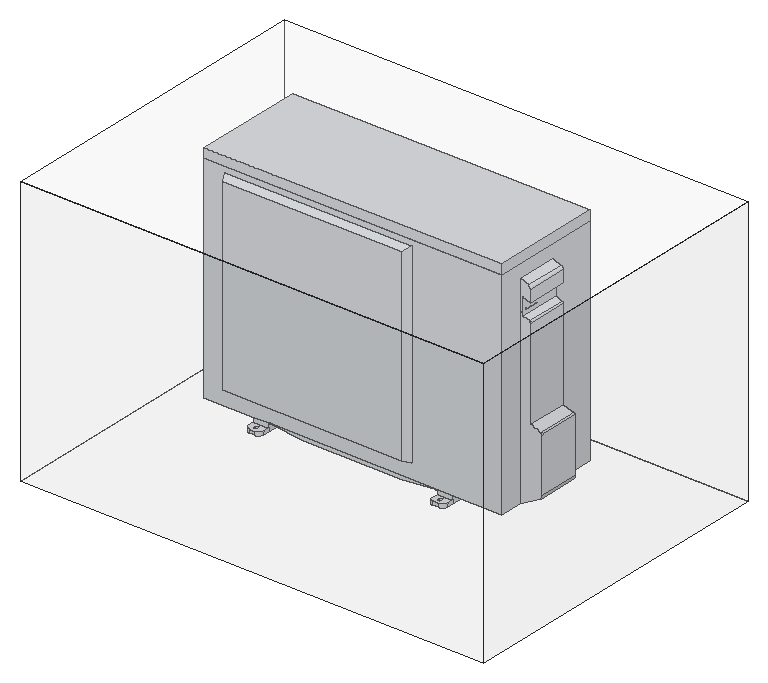
Revit family "puz-zrmp28_63ska15_50hz", category 機械設備, Revit 2019
Family settings
  丸型コネクタ寸法 = 直径を使用
  パーツ タイプ = 標準
  OmniClass 番号 = 23.75.10.24.21.27.27
  OmniClass タイトル = Split System Air Conditioning Units
  作業面ベース = いいえ
  常に垂直 = はい
  ロード時にボイドで切り取り = いいえ
  共有 = いいえ
  部屋計算ポイント = いいえ
Parameters (values of type "室外機_PUZ-ZRMP40KA15")
  音響パワーレベル_冷房 (dB) = 64
  音響パワーレベル_暖房 (dB) = 66
  音響パワーレベル(dB) = if([音響パワーレベル_冷房 (dB)] > [音響パワーレベル_暖房 (dB)], [音響パワーレベル_冷房 (dB)], [音響パワーレベル_暖房 (dB)])  # 66
  電源種別 = ""
  電源位置Y = 61 mm
  電源位置Z = 497.7 mm
  電源位置X = 400 mm
  電圧 = 200 V
  電動機出力_送風機 = 0.04 kW
  電動機出力_圧縮機 = 0.6 kW
  集中コントローラ [instance] = ""
  運転質量 = 0.00 kg
  運転方法 = "冷暖切替"
  質量 = if(製品質量 > 運転質量, 製品質量, 運転質量) * 1.2  # 49.20 kg
  負荷分類 = 1_熱源類
  説明 = "空冷H/P PAC インバータ室外機"
  設計暖房能力 [instance] = 0 kW
  設計冷房能力_顕熱 [instance] = 0 kW
  設計冷房能力 [instance] = 0 kW
  設置方法 = "床置形"
  記号 [instance] = ""
  製造元 = "三菱電機株式会社"
  製品質量 = 41.00 kg
  製品出荷対象 = "国内"
  製品リリース年月 = ""
  製品グループ = ""
  系統 [instance] = ""
  符号 = "PAC"
  積算_科目 = "1 空気調和設備"
  積算_拾い区分 [instance] = ""
  相 = 3
  盤記号 [instance] = ""
  発停方法 = "付属スイッチ"
  特殊仕様 [instance] = ""
  消費電力_暖房 = 0 kW
  消費電力_冷房 = 0 kW
  消費電力 = if(消費電力_冷房 > 消費電力_暖房, 消費電力_冷房, 消費電力_暖房)  # 0 kW
  法定耐用年数 = "6"
  構成品番 = "PUZ-ZRMP40KA15"
  極数 = 3
  材質 [instance] = ""
  本体マテリアル = none
  最小電線太さ_mm2 = 2
  最大電流値 = 0 A
  暖房能力 = 4 kW
  推奨ブレーカー容量 = 15 A
  据付ピッチ1 = 0 mm
  形式 = "パッケージ形 室外機"
  形名 = PUZ-EZRMP-1 : PUZ-EZRMP-1
  幹線記号 [instance] = ""
  始動方式 = "インバータ始動方式"
  呼称 = "パッケージ形空気調和機_室外機"
  周波数 = 50 Hz
  価格 = 0
  ドレン　位置Z = 8.5 mm
  ドレン　位置Y = 48.5 mm
  ドレン　位置X = 404.5 mm
  アンカーボルト位置Y = 330 mm
  アンカーボルト位置X = 500 mm
  参照している仕様書等のバージョン = "公共建築物標準仕様書（機械設備工事編）平成31年度版"
  分類コード = "5.0053E+13"
  分類グループ = ""
  冷房能力 = 3.6 kW
  冷媒管（ガス）位置X = 420 mm
  冷媒管（液）位置X = 420 mm
  冷媒管（液）位置Y = 153.75 mm
  冷媒管（ガス）位置Y = 153.75 mm
  冷媒管長 [instance] = 0 mm
  冷媒管径符号 = "Ac"
  冷媒管径 = 60.00 mm
  冷媒管位置Z = 158.95 mm
  冷媒管位置Y = (冷媒管（液）位置Y + 冷媒管（ガス）位置Y) / 2  # 153.75 mm
  冷媒管位置X = (冷媒管（液）位置X + 冷媒管（ガス）位置X) / 2  # 420 mm
  冷媒液管径 = 6.35 mm
  冷媒ガス管径 = 12.70 mm
  企業コード = "108420"
  付属品 [instance] = ""
  仕様書バージョン = "Version1.0"
  ユニット数 = 1
  ユニット3 = yes
  ユニット2 = yes
  Model = ""
  ドレン管径 = 42.00 mm
  サービススペース = yes
  コメント [instance] = ""
  ケーブル種類1 = ""
  【値が 0 の項目は組合せ形名にてご確認ください】 = ""
  Width = 809 mm
  Version = ""
  Uniclass2015Version = "Systems v1.9"
  Uniclass2015Title = "Split coil remote air cooled condensing units"
  Uniclass2015Code = "Pr_70_65_03_84"
  URL = "https://www.mitsubishielectric.co.jp/ldg/wink/ssl/top.do"
  SpecificationReference = ""
  SpecificationDescription = ""
  Revision = ""
  ProductInformation = ""
  OmniClassCode = "23-33 17 13 11"
  IfcTypeProduct = ""
  IfcProduct = ""
  IfcExportType = "AIRCONDITIONINGUNIT"
  IfcExportAs = "IfcUnitaryEquipmentType"
  Height = 630 mm
  Depth = 300 mm
  Clearance Top = 100 mm
  Clearance Right = 350 mm
  Clearance Left = 100 mm
  Clearance Front = 500 mm
  Clearance Bottom = 0 mm
  Clearance Back = 100 mm
  COP_暖房 = 0
  COP_冷房 = 0
  COP = (COP_冷房 + COP_暖房) / 2  # 0
  Author = "三菱電機株式会社"
  APF = 0
Reference planes
  plane 1 "中心(正面/背面)": y = 74
  plane 2: z = 0
  plane 3 "中心(左/右)": x = 830
  plane 4 "右": x = 1234.5
  plane 5 "左": x = 425.5
  plane 6 "背面": y = 224
  plane 7 "正面": y = -76
  plane 8 "上部": z = 630
  plane 9 "Clearanse Top": z = 730
  plane 10 "SS_back": y = 324
  plane 11 "SS_front": y = -576
  plane 12 "SS_left": x = 325.5
  plane 13 "SS_right": x = 1584.5
  plane 14: z = 0
  plane 15: y = -15
  plane 16: x = 1230
  plane 17: z = 497.7
  plane 18: y = -13
  plane 19: y = 70.25
  plane 20: x = 1250
  plane 21: y = 175.5
  plane 22: x = 830
  plane 23: z = 10.5
  plane 24: z = 8.5
  plane 25: x = 580
  plane 26: x = 1080
  plane 27: y = 239
  plane 28: y = -91
Forms (mm)
  Extrusion 1, solid, detail levels fine
    sketch origin (0, -76, 0) x (1, 0, 0) y (0, 0, 1)
      loop
        circle (1230, 497.7) r 13.5
    from -63 to -61
  Extrusion 2, solid, detail levels fine
    sketch origin (-1437.329, -1524, 54) x (-1, 0, 0) y (0, -1, 0)
      loop
        circle (-2267.329, -1699.5) r 21
    from -45.5 to -43.5
  Sweep 3, solid, material <- "本体マテリアル", detail levels fine
    path origin (1250, 1296.25, 1200) x (0, 1, 0) y (0, 0, 1)
      loop
        line (-1226, -1041.05) -> (-1272.623, -1084.565)
    profile origin (1250, 46.939, 137.193) x (0, 0.682318, -0.731055) y (1, 0, 0)
      loop
        circle (0, 0) r 30
Lines and regions (mm)
  model lines, not visible
    curve 1: line (460, 178.667, 1289.179) -> (460, 297.73, 1289.179)
    curve 2: line (460, 178.667, 1056.056) -> (460, 178.667, 1289.179)
    curve 3: line (460, 297.73, 1056.056) -> (460, 178.667, 1056.056)
    curve 4: line (460, 297.73, 1289.179) -> (460, 297.73, 1056.056)
    curve 5: line (460, 47.598, 1289.179) -> (460, 166.661, 1289.179)
    curve 6: line (460, 47.598, 1056.056) -> (460, 47.598, 1289.179)
    curve 7: line (460, 166.661, 1056.056) -> (460, 47.598, 1056.056)
    curve 8: line (460, 166.661, 1289.179) -> (460, 166.661, 1056.056)
    curve 9: line (460, -83.471, 1289.179) -> (460, 35.592, 1289.179)
    curve 10: line (460, -83.471, 1056.056) -> (460, -83.471, 1289.179)
    curve 11: line (460, 35.592, 1056.056) -> (460, -83.471, 1056.056)
    curve 12: line (460, 35.592, 1289.179) -> (460, 35.592, 1056.056)
    curve 13: line (460, -150.779, 1289.179) -> (460, -95.75, 1289.179)
    curve 14: line (460, -150.779, 1056.056) -> (460, -150.779, 1289.179)
    curve 15: line (460, -95.75, 1056.056) -> (460, -150.779, 1056.056)
    curve 16: line (460, -95.75, 1289.179) -> (460, -95.75, 1056.056)
    curve 17: line (460, -150.779, 1283.175) -> (460, -132.596, 1283.175)
    curve 18: line (460, -150.779, 1062.059) -> (460, -150.779, 1283.175)
    curve 19: line (460, -132.596, 1062.059) -> (460, -150.779, 1062.059)
    curve 20: line (460, -132.596, 1283.175) -> (460, -132.596, 1062.059)
    curve 21: line (460, 178.667, 1046.051) -> (460, 297.73, 1046.051)
    curve 22: line (460, 178.667, 812.928) -> (460, 178.667, 1046.051)
    curve 23: line (460, 297.73, 812.928) -> (460, 178.667, 812.928)
    curve 24: line (460, 297.73, 1046.051) -> (460, 297.73, 812.928)
    curve 25: line (460, 47.598, 1046.051) -> (460, 166.661, 1046.051)
    curve 26: line (460, 47.598, 812.928) -> (460, 47.598, 1046.051)
    curve 27: line (460, 166.661, 812.928) -> (460, 47.598, 812.928)
    curve 28: line (460, 166.661, 1046.051) -> (460, 166.661, 812.928)
    curve 29: line (460, -83.471, 1046.051) -> (460, 35.592, 1046.051)
    curve 30: line (460, -83.471, 812.928) -> (460, -83.471, 1046.051)
    curve 31: line (460, 35.592, 812.928) -> (460, -83.471, 812.928)
    curve 32: line (460, 35.592, 1046.051) -> (460, 35.592, 812.928)
    curve 33: line (460, -150.779, 1046.051) -> (460, -95.75, 1046.051)
    curve 34: line (460, -150.779, 812.928) -> (460, -150.779, 1046.051)
    curve 35: line (460, -95.75, 812.928) -> (460, -150.779, 812.928)
    curve 36: line (460, -95.75, 1046.051) -> (460, -95.75, 812.928)
    curve 37: line (460, -150.779, 1040.048) -> (460, -132.596, 1040.048)
    curve 38: line (460, -150.779, 818.931) -> (460, -150.779, 1040.048)
    curve 39: line (460, -132.596, 818.931) -> (460, -150.779, 818.931)
    curve 40: line (460, -132.596, 1040.048) -> (460, -132.596, 818.931)
    curve 41: line (460, 178.667, 802.923) -> (460, 297.73, 802.923)
    curve 42: line (460, 178.667, 569.8) -> (460, 178.667, 802.923)
    curve 43: line (460, 297.73, 569.8) -> (460, 178.667, 569.8)
    curve 44: line (460, 297.73, 802.923) -> (460, 297.73, 569.8)
    curve 45: line (460, 47.598, 802.923) -> (460, 166.661, 802.923)
    curve 46: line (460, 47.598, 569.8) -> (460, 47.598, 802.923)
    curve 47: line (460, 166.661, 569.8) -> (460, 47.598, 569.8)
    curve 48: line (460, 166.661, 802.923) -> (460, 166.661, 569.8)
    curve 49: line (460, -83.471, 802.923) -> (460, 35.592, 802.923)
    curve 50: line (460, -83.471, 569.8) -> (460, -83.471, 802.923)
    curve 51: line (460, 35.592, 569.8) -> (460, -83.471, 569.8)
    curve 52: line (460, 35.592, 802.923) -> (460, 35.592, 569.8)
    curve 53: line (460, -150.779, 802.923) -> (460, -95.75, 802.923)
    curve 54: line (460, -150.779, 569.8) -> (460, -150.779, 802.923)
    curve 55: line (460, -95.75, 569.8) -> (460, -150.779, 569.8)
    curve 56: line (460, -95.75, 802.923) -> (460, -95.75, 569.8)
    curve 57: line (460, -150.779, 796.92) -> (460, -132.596, 796.92)
    curve 58: line (460, -150.779, 575.803) -> (460, -150.779, 796.92)
    curve 59: line (460, -132.596, 575.803) -> (460, -150.779, 575.803)
    curve 60: line (460, -132.596, 796.92) -> (460, -132.596, 575.803)
    curve 61: line (460, 178.667, 559.795) -> (460, 297.73, 559.795)
    curve 62: line (460, 178.667, 326.672) -> (460, 178.667, 559.795)
    curve 63: line (460, 297.73, 326.672) -> (460, 178.667, 326.672)
    curve 64: line (460, 297.73, 559.795) -> (460, 297.73, 326.672)
    curve 65: line (460, 47.598, 559.795) -> (460, 166.661, 559.795)
    curve 66: line (460, 47.598, 326.672) -> (460, 47.598, 559.795)
    curve 67: line (460, 166.661, 326.672) -> (460, 47.598, 326.672)
    curve 68: line (460, 166.661, 559.795) -> (460, 166.661, 326.672)
    curve 69: line (460, -83.471, 559.795) -> (460, 35.592, 559.795)
    curve 70: line (460, -83.471, 326.672) -> (460, -83.471, 559.795)
    curve 71: line (460, 35.592, 326.672) -> (460, -83.471, 326.672)
    curve 72: line (460, 35.592, 559.795) -> (460, 35.592, 326.672)
    curve 73: line (460, -150.779, 559.795) -> (460, -95.75, 559.795)
    curve 74: line (460, -150.779, 326.672) -> (460, -150.779, 559.795)
    curve 75: line (460, -95.75, 326.672) -> (460, -150.779, 326.672)
    curve 76: line (460, -95.75, 559.795) -> (460, -95.75, 326.672)
    curve 77: line (460, -150.779, 553.792) -> (460, -132.596, 553.792)
    curve 78: line (460, -150.779, 332.675) -> (460, -150.779, 553.792)
    curve 79: line (460, -132.596, 332.675) -> (460, -150.779, 332.675)
    curve 80: line (460, -132.596, 553.792) -> (460, -132.596, 332.675)
    curve 81: line (460, 178.667, 316.667) -> (460, 297.73, 316.667)
    curve 82: line (460, 178.667, 83.544) -> (460, 178.667, 316.667)
    curve 83: line (460, 297.73, 83.544) -> (460, 178.667, 83.544)
    curve 84: line (460, 297.73, 316.667) -> (460, 297.73, 83.544)
    curve 85: line (460, 47.598, 316.667) -> (460, 166.661, 316.667)
    curve 86: line (460, 47.598, 83.544) -> (460, 47.598, 316.667)
    curve 87: line (460, 166.661, 83.544) -> (460, 47.598, 83.544)
    curve 88: line (460, 166.661, 316.667) -> (460, 166.661, 83.544)
    curve 89: line (460, -83.471, 316.667) -> (460, 35.592, 316.667)
    curve 90: line (460, -83.471, 83.544) -> (460, -83.471, 316.667)
    curve 91: line (460, 35.592, 83.544) -> (460, -83.471, 83.544)
    curve 92: line (460, 35.592, 316.667) -> (460, 35.592, 83.544)
    curve 93: line (460, -150.779, 316.667) -> (460, -95.75, 316.667)
    curve 94: line (460, -150.779, 83.544) -> (460, -150.779, 316.667)
    curve 95: line (460, -95.75, 83.544) -> (460, -150.779, 83.544)
    curve 96: line (460, -95.75, 316.667) -> (460, -95.75, 83.544)
    curve 97: line (460, -150.779, 310.664) -> (460, -132.596, 310.664)
    curve 98: line (460, -150.779, 89.547) -> (460, -150.779, 310.664)
    curve 99: line (460, -132.596, 89.547) -> (460, -150.779, 89.547)
    curve 100: line (460, -132.596, 310.664) -> (460, -132.596, 89.547)
Dimensions and locks
  equal spacing: plane 7 "正面", plane 1 "中心(正面/背面)", plane 6 "背面"
  "Depth": plane 7 "正面" to plane 6 "背面"
  "Width": plane 5 "左" to plane 4 "右"
  equal spacing: plane 5 "左", plane 3 "中心(左/右)", plane 4 "右"
  "Clearance Left": plane 12 "SS_left" to plane 5 "左"
  "Clearance Right": plane 4 "右" to plane 13 "SS_right"
  "Clearance Back": plane 6 "背面" to plane 10 "SS_back"
  "Clearance Front": plane 11 "SS_front" to plane 7 "正面"
  "Height": plane 8 "上部" to level
  "Clearance Top": plane 9 "Clearanse Top" to plane 8 "上部"
  "Clearance Bottom": level to plane 14
  "電源位置X": plane 3 "中心(左/右)" to plane 16
  "電源位置Y": plane 7 "正面" to plane 15
  "電源位置Z": plane 17 to level
  locked: plane 15 to plane 18 at 2
  "冷媒管位置X": plane 3 "中心(左/右)" to plane 20
  "冷媒管位置Y": plane 19 to plane 6 "背面"
  "ドレン　位置X": plane 5 "左" to plane 22
  "ドレン　位置Y": plane 21 to plane 6 "背面"
  locked: plane 23 to plane 24 at 2
  "ドレン　位置Z": plane 24 to level
  equal spacing: plane 28, plane 1 "中心(正面/背面)", plane 27
  "アンカーボルト位置Y": plane 28 to plane 27
  equal spacing: plane 25, plane 3 "中心(左/右)", plane 26
  "アンカーボルト位置X": plane 25 to plane 26
  radius of Extrusion 1 sketch curve = 13.5 mm
  "ドレン管径": diameter of Extrusion 2 sketch curve
  "冷媒管径": diameter of Sweep 3 sketch curve
  aligned and locked: level to plane 2
  aligned and locked: plane 10 "SS_back" to nested 1  (x2)
  aligned and locked: plane 13 "SS_right" to nested 1
  aligned and locked: plane 12 "SS_left" to nested 1  (x2)
  aligned and locked: nested 1 to plane 13 "SS_right"
  aligned and locked: plane 11 "SS_front" to nested 1
  aligned and locked: plane 9 "Clearanse Top" to nested 1
  aligned and locked: plane 1 "中心(正面/背面)" to nested 2
  aligned and locked: plane 3 "中心(左/右)" to nested 2
  aligned and locked: plane 14 to nested 1
  aligned and locked: plane 17 to Extrusion 1 sketch curve
  aligned and locked: plane 16 to Extrusion 1 sketch curve
  aligned and locked: Extrusion 1 to plane 18
  aligned and locked: plane 15 to Extrusion 1
  aligned and locked: plane 22 to Extrusion 2 sketch curve
  aligned and locked: plane 21 to Extrusion 2 sketch curve
  aligned and locked: plane 23 to Extrusion 2
  aligned and locked: Extrusion 2 to plane 24
  aligned and locked: plane 25 to nested 3
  aligned and locked: plane 27 to nested 3
Automatic sketch dimensions
  Sweep 3 sketch curve to plane 18 = 36.627 mm
  plane 1 "中心(正面/背面)" to Sweep 3 sketch curve = 3.75 mm
  plane 23 to Sweep 3 sketch curve = 104.935 mm
  Sweep 3 sketch curve to Sweep 3 sketch curve = 43.515 mm
  Sweep 3 sketch curve to plane 20 = 0 mm
  Sweep 3 sketch curve to profile plane = 0 mm
Nested families
  nested 1: "サービススペース" at (955, -126, 365), visible <- "サービススペース", type "サービススペース"
    with Width 1259 mm, Height 730 mm, Depth 900 mm
  nested 2: "PUZ-EZRMP-1" at (830, 74, 0), type <- "形名", type "PUZ-EZRMP-1", detail levels fine
  nested 3: "固定点" at (580, -91, 0), type "固定点"
    with 中心円 10 mm, W 500 mm, D 330 mm
Connectors
  electrical at (1230, -15, 497.7), driven by "極数", driven by "負荷分類", driven by "電圧", driven by "消費電力"
    settings: on Extrusion 1, index 2, voltage 200 V, apparent load 0 VA, apparent load phase1 0 VA, apparent load phase2 0 VA, apparent load phase3 0 VA, power factor 1, load classification "1_熱源類", number of poles 3, system type 30, power factor state 1, is connector primary yes, connector utility no, sub classification motor no, connector description ""
  piping at (1250, 70.25, 158.95), diameter 60, driven by "冷媒管径", driven by "冷媒管径符号"
    settings: on Sweep 3, index 3, connector inside diameter 609.60 mm, connector length 0 mm, flow factor 0, pipe flow 0.0 L/s, pressure drop 0.0 Pa, fitting loss kfactor 0, connector angle 0.00°, fixture units 0, engagement length 0 mm, angle of deflection 0.00°, flow configuration 1, flow direction 2, fitting loss method 4, system type 7, joint type 0, gender type 0, connector reference index -1, connector utility 0, adjustable connector no, is connector primary yes, connector description "Ac"
Definition of nested family "サービススペース"
  Parameters (values of type "サービススペース")
    Width [instance] = 500 mm
    Height [instance] = 500 mm
    Depth [instance] = 500 mm
  Reference planes
    plane 1 "中心(正面/背面)": y = 0
    plane 2: z = 0
    plane 3 "中心(左/右)": x = 0
    plane 4: y = -250
    plane 5: x = 250
    plane 6: y = 250
    plane 7: x = -250
    plane 8: z = 250
    plane 9: z = -250
  Forms (mm)
    Extrusion 1, solid
      sketch origin (-638.939, 0, 72.39) x (1, 0, 0) y (0, 1, 0)
        loop
          line (388.939, 250) -> (388.939, -250) -> (888.939, -250) -> (888.939, 250) -> (388.939, 250)
      from -322.39 to 177.61
  Lines and regions (mm)
    symbolic lines
      curve 1: line (-250, 0, 250) -> (250, 0, 250)
      curve 2: line (-250, 0, -250) -> (-250, 0, 250)
      curve 3: line (250, 0, -250) -> (-250, 0, -250)
      curve 4: line (250, 0, 250) -> (250, 0, -250)
      curve 5: line (0, -250, 250) -> (0, 250, 250)
      curve 6: line (0, -250, -250) -> (0, -250, 250)
      curve 7: line (0, 250, -250) -> (0, -250, -250)
      curve 8: line (0, 250, 250) -> (0, 250, -250)
      curve 9: line (-250, 250, 0) -> (250, 250, 0)
      curve 10: line (-250, -250, 0) -> (-250, 250, 0)
      curve 11: line (250, -250, 0) -> (-250, -250, 0)
      curve 12: line (250, 250, 0) -> (250, -250, 0)
  Dimensions and locks
    equal spacing: plane 7, plane 3 "中心(左/右)", plane 5
    equal spacing: plane 4, plane 1 "中心(正面/背面)", plane 6
    "Depth": plane 4 to plane 6
    "Width": plane 7 to plane 5
    equal spacing: plane 8, plane 2, plane 9
    "Height": plane 8 to plane 9
    aligned and locked: plane 9 to curve 3
    aligned and locked: plane 7 to curve 2
    aligned and locked: curve 4 to plane 5
    aligned and locked: plane 5 to Extrusion 1
    aligned and locked: Extrusion 1 to plane 7
    aligned and locked: Extrusion 1 to plane 9
    aligned and locked: plane 8 to Extrusion 1
    aligned and locked: plane 9 to curve 7
  Automatic sketch dimensions
    plane 4 to Extrusion 1 sketch curve = 0 mm
    Extrusion 1 sketch curve to plane 7 = 0 mm
    Extrusion 1 sketch curve to plane 5 = 0 mm
    plane 6 to Extrusion 1 sketch curve = 0 mm
    curve 2 to plane 8 = 0 mm
    plane 4 to curve 11 = 0 mm
    curve 11 to plane 7 = 0 mm
    curve 11 to plane 5 = 0 mm
    plane 6 to curve 10 = 0 mm
    curve 7 to plane 4 = 0 mm
    curve 7 to plane 6 = 0 mm
    curve 6 to plane 8 = 0 mm
Definition of nested family "PUZ-EZRMP-1"
  Parameters (values of type "PUZ-ZRMP-1")
    配線取出口サイズ = 27 mm
    配線取出口-Z = 497.7 mm
    配線取出口-Y = 239 mm
    配線取出口-X = 400 mm
    液配管サイズ = 50 mm
    高さ = 630 mm
    換気-W = 310 mm
    換気-H2 = 632 mm
    換気-H1 = 325 mm
    換気-D = 20 mm
    奥行き = 300 mm
    吊りボルト_H = 0 mm
    吊りボルト-φ = 10 mm
    冷媒配管サイズ = 6.35 mm
    冷媒液管径-Z = 164.5 mm
    冷媒液管径-Y = 185.5 mm
    冷媒液管径-X = 420 mm
    冷媒ガス管径-Z = 99.5 mm
    冷媒ガス管径-Y = 185.5 mm
    冷媒ガス管径-X = 420 mm
    吊りボルト-W = 500 mm
    マテリアル = none
    ドレン配管サイズ = 42 mm
    ドレン管径-Z = 0 mm
    ドレン管径-Y = 251.5 mm
    ドレン管径-X = 404.5 mm
    タイプ3 = no
    タイプ2 = no
    タイプ1 = yes
    ガス配管サイズ = 12.7 mm
    吊りボルト-D = 330 mm
    幅さ = 809 mm
    a = 600 mm
  Reference planes
    plane 1 "中心(正面/背面)": y = 0
    plane 2: z = 0
    plane 3 "中心(左/右)": x = 0
    plane 4: z = 630
    plane 5: x = -404.5
    plane 6: x = 404.5
    plane 7: y = 150
    plane 8: y = -150
    plane 9: x = 466.5
    plane 10: y = -90
    plane 11: y = 20
    plane 12: z = 605
    plane 13: x = -424.5
    plane 14: x = -250
    plane 15: x = 250
    plane 16: y = 165
    plane 17: y = -165
    plane 18: x = 270
    plane 19: x = 230
    plane 20: x = -230
    plane 21: x = -270
    plane 22: y = 180
    plane 23: y = -180
    plane 24: z = 8.5
    plane 25: z = 20
    plane 26: z = 11.5
    plane 27: x = -135
    plane 28: x = 135
    plane 29: z = 625
    plane 30: y = -40
    plane 31: y = 40
    plane 32: y = -30
    plane 33: y = 30
    plane 34: z = 610
    plane 35: z = 55
    plane 36: z = 225
    plane 37: z = 570
    plane 38: x = 414.5
    plane 39: x = 435.5
    plane 40: y = -170
    plane 41: x = -94.5
    plane 42: z = 325
    plane 43: x = 159.5
    plane 44: x = -348.5
    plane 45: z = 589
    plane 46: z = 61
    plane 47: x = -338.5
    plane 48: x = 149.5
    plane 49: z = 579
    plane 50: z = 71
    plane 51: y = 100
    plane 52: y = -100
    plane 53: x = 0
    plane 54: y = 101.5
    plane 55: x = 420
    plane 56: x = 400
    plane 57: y = -89
    plane 58: y = -35.5
    plane 59: y = -35.5
    plane 60: x = 420
    plane 61: z = 99.5
    plane 62: z = 164.5
    plane 63: z = 497.7
    plane 64: y = -39
    plane 65: z = 137.3
    plane 66: z = 180.6
    plane 67: x = 420
    plane 68: y = -35.5
    plane 69 "グループ": x = -600
    plane 70: z = 1338
    plane 71: z = 943
    plane 72: z = 957
    plane 73: z = 1221
    plane 74: z = 693
    plane 75: z = 1211
    plane 76: z = 703
    plane 77: y = -12.5
    plane 78: y = 5
    plane 79: y = -3.75
  Forms (mm)
    Extrusion 1, solid, visible <- "タイプ1", detail levels fine
      sketch origin (-1437.329, -1524, 630) x (-1, 0, 0) y (0, -1, 0)
        loop
          line (-1167.329, -1674) -> (-1167.329, -1374) -> (-1207.329, -1374) -> (-1207.329, -1674) -> (-1167.329, -1674)
        loop
          line (-1667.329, -1674) -> (-1667.329, -1374) -> (-1707.329, -1374) -> (-1707.329, -1674) -> (-1667.329, -1674)
      from -630 to -610
    Extrusion 2, solid, material <- "マテリアル", visible <- "タイプ1", detail levels fine
      sketch origin (0, 0, 0) x (1, 0, 0) y (0, 0, 1)
        loop
          line (-230, 20) -> (-135, 11.5) -> (135, 11.5) -> (230, 20) -> (-230, 20)
      from -150 to 150
    Extrusion 3, solid, material <- "マテリアル", visible <- "タイプ1", detail levels fine
      sketch origin (-1437.329, -1524, 630) x (-1, 0, 0) y (0, -1, 0)
        loop
          circle (-1437.329, -1625.5) r 21
      from -621.5 to -618.5
    Extrusion 4, solid, material <- "マテリアル", visible <- "タイプ1", detail levels fine
      sketch origin (-1437.329, -1524, 630) x (-1, 0, 0) y (0, -1, 0)
        loop
          line (-1841.829, -1674) -> (-1032.829, -1674) -> (-1032.829, -1374) -> (-1841.829, -1374) -> (-1841.829, -1674)
      from -610 to -25
    Extrusion 5, solid, material <- "マテリアル", visible <- "タイプ1", detail levels fine
      sketch origin (-1437.329, -1524, 630) x (-1, 0, 0) y (0, -1, 0)
        loop
          line (-1032.829, -1674) -> (-1032.829, -1374) -> (-1841.829, -1374) -> (-1841.829, -1674) -> (-1032.829, -1674)
      from -25 to 0
    Blend 6, solid, material <- "マテリアル", visible <- "タイプ1", detail levels fine
      base sketch origin (0, 0, 0) x (0, 1, 0) y (0, 0, 1)
        loop
          line (40, 625) -> (-40, 625) -> (-40, 605) -> (40, 605) -> (40, 625)
      top sketch origin (0, 0, 0) x (0, 1, 0) y (0, 0, 1)
        loop
          line (30, 610) -> (-30, 610) -> (-30, 605) -> (30, 605) -> (30, 610)
      from -404.5 to -424.5
    Extrusion 7, solid, material <- "マテリアル", visible <- "タイプ1", detail levels fine
      sketch origin (0, 0, 0) x (1, 0, 0) y (0, 0, 1)
        loop
          line (404.5, 570) -> (404.5, 20) -> (461.416, 52.13)
          arc (461.416, 52.13) -> (465.136, 55.796) -> (466.5, 60.838) r 10
          line (466.5, 60.838) -> (466.5, 210.216)
          arc (466.5, 210.216) -> (465.596, 213.084) -> (463.21, 214.914) r 5
          line (463.21, 214.914) -> (435.5, 225) -> (435.5, 470.082)
          arc (435.5, 470.082) -> (434.596, 472.95) -> (432.21, 474.78) r 5
          line (432.21, 474.78) -> (414.5, 481.226) -> (414.5, 529.114) -> (435.5, 521.471) -> (435.5, 551.715)
          arc (435.5, 551.715) -> (433.692, 557.451) -> (428.92, 561.112) r 10
          line (428.92, 561.112) -> (404.5, 570)
      from -20 to 90
    Blend 8, solid, material <- "マテリアル", visible <- "タイプ1", detail levels fine
      base sketch origin (0, 0, 0) x (1, 0, 0) y (0, 0, 1)
        loop
          line (-348.5, 589) -> (-348.5, 61) -> (159.5, 61) -> (159.5, 589) -> (-348.5, 589)
      top sketch origin (0, 0, 0) x (1, 0, 0) y (0, 0, 1)
        loop
          line (-338.5, 579) -> (-338.5, 71) -> (149.5, 71) -> (149.5, 579) -> (-338.5, 579)
      from 150 to 170
    Extrusion 9, solid, material <- "マテリアル", visible <- "タイプ1", detail levels fine
      sketch origin (1480.036, -170, 1200) x (1, 0, 0) y (0, 0, 1)
        loop
          circle (-1080.036, -702.3) r 13.5
      from -131 to -81
    Extrusion 10, solid, visible <- "タイプ1", detail levels fine
      sketch origin (-1437.329, -1524, 630) x (-1, 0, 0) y (0, -1, 0)
        loop
          line (-1167.329, -1704) -> (-1167.329, -1674) -> (-1207.329, -1674) -> (-1207.329, -1704) -> (-1192.329, -1704) -> (-1192.329, -1689)
          arc (-1192.329, -1689) -> (-1187.329, -1684) -> (-1182.329, -1689) r 5
          line (-1182.329, -1689) -> (-1182.329, -1704) -> (-1167.329, -1704)
        loop
          line (-1667.329, -1704) -> (-1667.329, -1674) -> (-1707.329, -1674) -> (-1707.329, -1704) -> (-1692.329, -1704) -> (-1692.329, -1689)
          arc (-1692.329, -1689) -> (-1687.329, -1684) -> (-1682.329, -1689) r 5
          line (-1682.329, -1689) -> (-1682.329, -1704) -> (-1667.329, -1704)
        loop
          line (-1667.329, -1374) -> (-1667.329, -1354)
          arc (-1667.329, -1354) -> (-1670.258, -1346.929) -> (-1677.329, -1344) r 10
          line (-1677.329, -1344) -> (-1694.129, -1344)
          arc (-1694.129, -1344) -> (-1703.463, -1347.866) -> (-1707.329, -1357.2) r 13.2
          line (-1707.329, -1357.2) -> (-1707.329, -1374) -> (-1667.329, -1374)
        loop
          line (-1167.329, -1374) -> (-1167.329, -1357.2)
          arc (-1167.329, -1357.2) -> (-1171.196, -1347.866) -> (-1180.529, -1344) r 13.2
          line (-1180.529, -1344) -> (-1194.129, -1344)
          arc (-1194.129, -1344) -> (-1203.463, -1347.866) -> (-1207.329, -1357.2) r 13.2
          line (-1207.329, -1357.2) -> (-1207.329, -1374) -> (-1167.329, -1374)
        loop
          arc (-1192.329, -1359) -> (-1187.329, -1364) -> (-1182.329, -1359) r 5
          line (-1182.329, -1359) -> (-1182.329, -1357.2)
          arc (-1182.329, -1357.2) -> (-1187.329, -1352.2) -> (-1192.329, -1357.2) r 5
          line (-1192.329, -1357.2) -> (-1192.329, -1359)
        loop
          arc (-1692.329, -1359) -> (-1687.329, -1364) -> (-1682.329, -1359) r 5
          line (-1682.329, -1359) -> (-1682.329, -1357.2)
          arc (-1682.329, -1357.2) -> (-1687.329, -1352.2) -> (-1692.329, -1357.2) r 5
          line (-1692.329, -1357.2) -> (-1692.329, -1359)
      from -621.5 to -630
    Sweep 11, solid, material <- "マテリアル", visible <- "タイプ1", detail levels fine
      path origin (420, 1296.25, 1200) x (0, 1, 0) y (0, 0, 1)
        loop
          line (-1331.75, -1035.5) -> (-1308.75, -1019.4)
      profile origin (420, -24, 172.55) x (0, -0.573462, 0.819232) y (1, 0, 0)
        loop
          circle (0, 0) r 3.175
    Sweep 12, solid, material <- "マテリアル", visible <- "タイプ1", detail levels fine
      path origin (420, 1296.25, 1200) x (0, 1, 0) y (0, 0, 1)
        loop
          line (-1331.75, -1100.5) -> (-1291.25, -1062.7)
      profile origin (420, -15.25, 118.4) x (0, -0.682318, 0.731055) y (1, 0, 0)
        loop
          circle (0, 0) r 6.35
  Lines and regions (mm)
    Masking region 1, visible <- "タイプ1", detail levels coarse+medium
      outline origin (-1437.329, -1524, 630) x (-1, 0, 0) y (0, -1, 0)
        loop
          line (-1841.829, -1674) -> (-1707.329, -1674) -> (-1707.329, -1704) -> (-1667.329, -1704) -> (-1667.329, -1674) -> (-1207.329, -1674) -> (-1207.329, -1704) -> (-1167.329, -1704) -> (-1167.329, -1674) -> (-1032.829, -1674) -> (-1032.829, -1564) -> (-1012.829, -1554) -> (-1012.829, -1494) -> (-1032.829, -1484) -> (-1032.829, -1374) -> (-1088.829, -1374) -> (-1098.829, -1354) -> (-1164.523, -1354)
          arc (-1164.523, -1354) -> (-1169.205, -1346.796) -> (-1177.329, -1344) r 13.2
          line (-1177.329, -1344) -> (-1193.997, -1344)
          arc (-1193.997, -1344) -> (-1202.121, -1346.796) -> (-1206.804, -1354) r 13.2
          line (-1206.804, -1354) -> (-1586.829, -1354) -> (-1596.829, -1374) -> (-1667.329, -1374) -> (-1667.329, -1354)
          arc (-1667.329, -1354) -> (-1670.258, -1346.929) -> (-1677.329, -1344) r 10
          line (-1677.329, -1344) -> (-1694.129, -1344)
          arc (-1694.129, -1344) -> (-1703.463, -1347.866) -> (-1707.329, -1357.2) r 13.2
          line (-1707.329, -1357.2) -> (-1707.329, -1374) -> (-1841.829, -1374) -> (-1841.829, -1434) -> (-1903.829, -1434) -> (-1903.829, -1544) -> (-1841.829, -1544) -> (-1841.829, -1674)
    model lines, visible <- "タイプ1", detail levels fine
      curve 1: line (324.5, 100, 630) -> (-324.5, 100, 630)
      curve 2: line (-324.5, -100, 630) -> (324.5, -100, 630)
      curve 3: line (-324.5, -40, 630) -> (324.5, -40, 630)
      curve 4: line (324.5, 40, 630) -> (-324.5, 40, 630)
      curve 5: line (-324.5, -30, 630) -> (324.5, -30, 630)
      curve 6: line (324.5, 30, 630) -> (-324.5, 30, 630)
      curve 7: line (-324.5, 100, 630) -> (-324.5, 40, 630)
      curve 8: line (324.5, -100, 630) -> (324.5, -40, 630)
      curve 9: line (-324.5, 30, 630) -> (-324.5, -30, 630)
      curve 10: line (-324.5, -40, 630) -> (-324.5, -100, 630)
      curve 11: line (324.5, -30, 630) -> (324.5, 30, 630)
      curve 12: line (324.5, 40, 630) -> (324.5, 100, 630)
      curve 13: line (354.5, -100, 630) -> (354.5, 100, 630)
      curve 14: line (339.5, -100, 630) -> (339.5, 100, 630)
      curve 15: line (-354.5, 100, 630) -> (-354.5, -100, 630)
      curve 16: line (-339.5, 100, 630) -> (-339.5, -100, 630)
      curve 17: line (-339.5, 100, 630) -> (-354.5, 100, 630)
      curve 18: line (-339.5, -100, 630) -> (-354.5, -100, 630)
      curve 19: line (339.5, 100, 630) -> (354.5, 100, 630)
      curve 20: line (339.5, -100, 630) -> (354.5, -100, 630)
      curve 21: line (-338.5, -170, 372.5) -> (149.5, -170, 372.5)
      curve 22: line (149.5, -170, 277.5) -> (-338.5, -170, 277.5)
      curve 23: line (-338.5, -170, 467.5) -> (149.5, -170, 467.5)
      curve 24: line (-338.5, -170, 562.5) -> (149.5, -170, 562.5)
      curve 25: line (149.5, -170, 182.5) -> (-338.5, -170, 182.5)
      curve 26: line (149.5, -170, 87.5) -> (-338.5, -170, 87.5)
      curve 27: line (-321.071, -170, 579) -> (-321.071, -170, 71)
      curve 28: line (132.071, -170, 71) -> (132.071, -170, 579)
      curve 29: line (-303.643, -170, 579) -> (-303.643, -170, 71)
      curve 30: line (-286.214, -170, 579) -> (-286.214, -170, 71)
      curve 31: line (-268.786, -170, 579) -> (-268.786, -170, 71)
      curve 32: line (-251.357, -170, 579) -> (-251.357, -170, 71)
      curve 33: line (-233.929, -170, 579) -> (-233.929, -170, 71)
      curve 34: line (-216.5, -170, 579) -> (-216.5, -170, 71)
      curve 35: line (-199.071, -170, 579) -> (-199.071, -170, 71)
      curve 36: line (-181.643, -170, 579) -> (-181.643, -170, 71)
      curve 37: line (-164.214, -170, 579) -> (-164.214, -170, 71)
      curve 38: line (-146.786, -170, 579) -> (-146.786, -170, 71)
      curve 39: line (-129.357, -170, 579) -> (-129.357, -170, 71)
      curve 40: line (-111.929, -170, 579) -> (-111.929, -170, 71)
      curve 41: line (-94.5, -170, 579) -> (-94.5, -170, 71)
      curve 42: line (-77.071, -170, 579) -> (-77.071, -170, 71)
      curve 43: line (-59.643, -170, 579) -> (-59.643, -170, 71)
      curve 44: line (-42.214, -170, 579) -> (-42.214, -170, 71)
      curve 45: line (-24.786, -170, 579) -> (-24.786, -170, 71)
      curve 46: line (-7.357, -170, 579) -> (-7.357, -170, 71)
      curve 47: line (10.071, -170, 579) -> (10.071, -170, 71)
      curve 48: line (27.5, -170, 579) -> (27.5, -170, 71)
      curve 49: line (44.929, -170, 579) -> (44.929, -170, 71)
      curve 50: line (62.357, -170, 579) -> (62.357, -170, 71)
      curve 51: line (79.786, -170, 579) -> (79.786, -170, 71)
      curve 52: line (97.214, -170, 579) -> (97.214, -170, 71)
      curve 53: line (114.643, -170, 579) -> (114.643, -170, 71)
      curve 54: line (-404.5, -10, 574) -> (-404.5, -10, 584)
      curve 55: line (-404.5, -100, 584) -> (-404.5, -100, 574)
      curve 56: line (-404.5, 100, 584) -> (-404.5, 100, 574)
      curve 57: line (-404.5, 10, 584) -> (-404.5, 10, 574)
      curve 58: line (-404.5, 95, 589) -> (-404.5, 15, 589)
      curve 59: line (-404.5, -15, 589) -> (-404.5, -95, 589)
      curve 60: line (-404.5, -15, 569) -> (-404.5, -95, 569)
      curve 61: line (-404.5, 95, 569) -> (-404.5, 15, 569)
      curve 62: arc (-404.5, 100, 584) -> (-404.5, 98.536, 587.536) -> (-404.5, 95, 589) r 5
      curve 63: arc (-404.5, 95, 569) -> (-404.5, 98.536, 570.464) -> (-404.5, 100, 574) r 5
      curve 64: arc (-404.5, 10, 584) -> (-404.5, 11.464, 587.536) -> (-404.5, 15, 589) r 5
      curve 65: arc (-404.5, 10, 574) -> (-404.5, 11.464, 570.464) -> (-404.5, 15, 569) r 5
      curve 66: arc (-404.5, -10, 584) -> (-404.5, -11.464, 587.536) -> (-404.5, -15, 589) r 5
      curve 67: arc (-404.5, -15, 569) -> (-404.5, -11.464, 570.464) -> (-404.5, -10, 574) r 5
      curve 68: arc (-404.5, -95, 589) -> (-404.5, -98.536, 587.536) -> (-404.5, -100, 584) r 5
      curve 69: arc (-404.5, -100, 574) -> (-404.5, -98.536, 570.464) -> (-404.5, -95, 569) r 5
      curve 70: line (-404.5, -10, 544) -> (-404.5, -10, 554)
      curve 71: line (-404.5, -100, 554) -> (-404.5, -100, 544)
      curve 72: line (-404.5, 100, 554) -> (-404.5, 100, 544)
      curve 73: line (-404.5, 10, 554) -> (-404.5, 10, 544)
      curve 74: line (-404.5, 95, 559) -> (-404.5, 15, 559)
      curve 75: line (-404.5, -15, 559) -> (-404.5, -95, 559)
      curve 76: line (-404.5, -15, 539) -> (-404.5, -95, 539)
      curve 77: line (-404.5, 95, 539) -> (-404.5, 15, 539)
      curve 78: arc (-404.5, 100, 554) -> (-404.5, 98.536, 557.536) -> (-404.5, 95, 559) r 5
      curve 79: arc (-404.5, 95, 539) -> (-404.5, 98.536, 540.464) -> (-404.5, 100, 544) r 5
      curve 80: arc (-404.5, 10, 554) -> (-404.5, 11.464, 557.536) -> (-404.5, 15, 559) r 5
      curve 81: arc (-404.5, 10, 544) -> (-404.5, 11.464, 540.464) -> (-404.5, 15, 539) r 5
      curve 82: arc (-404.5, -10, 554) -> (-404.5, -11.464, 557.536) -> (-404.5, -15, 559) r 5
      curve 83: arc (-404.5, -15, 539) -> (-404.5, -11.464, 540.464) -> (-404.5, -10, 544) r 5
      curve 84: arc (-404.5, -95, 559) -> (-404.5, -98.536, 557.536) -> (-404.5, -100, 554) r 5
      curve 85: arc (-404.5, -100, 544) -> (-404.5, -98.536, 540.464) -> (-404.5, -95, 539) r 5
      curve 86: line (-404.5, -10, 514) -> (-404.5, -10, 524)
      curve 87: line (-404.5, -100, 524) -> (-404.5, -100, 514)
      curve 88: line (-404.5, 100, 524) -> (-404.5, 100, 514)
      curve 89: line (-404.5, 10, 524) -> (-404.5, 10, 514)
      curve 90: line (-404.5, 95, 529) -> (-404.5, 15, 529)
      curve 91: line (-404.5, -15, 529) -> (-404.5, -95, 529)
      curve 92: line (-404.5, -15, 509) -> (-404.5, -95, 509)
      curve 93: line (-404.5, 95, 509) -> (-404.5, 15, 509)
      curve 94: arc (-404.5, 100, 524) -> (-404.5, 98.536, 527.536) -> (-404.5, 95, 529) r 5
      curve 95: arc (-404.5, 95, 509) -> (-404.5, 98.536, 510.464) -> (-404.5, 100, 514) r 5
      curve 96: arc (-404.5, 10, 524) -> (-404.5, 11.464, 527.536) -> (-404.5, 15, 529) r 5
      curve 97: arc (-404.5, 10, 514) -> (-404.5, 11.464, 510.464) -> (-404.5, 15, 509) r 5
      curve 98: arc (-404.5, -10, 524) -> (-404.5, -11.464, 527.536) -> (-404.5, -15, 529) r 5
      curve 99: arc (-404.5, -15, 509) -> (-404.5, -11.464, 510.464) -> (-404.5, -10, 514) r 5
      curve 100: arc (-404.5, -95, 529) -> (-404.5, -98.536, 527.536) -> (-404.5, -100, 524) r 5
      curve 101: arc (-404.5, -100, 514) -> (-404.5, -98.536, 510.464) -> (-404.5, -95, 509) r 5
      curve 102: line (-404.5, -10, 484) -> (-404.5, -10, 494)
      curve 103: line (-404.5, -100, 494) -> (-404.5, -100, 484)
      curve 104: line (-404.5, 100, 494) -> (-404.5, 100, 484)
      curve 105: line (-404.5, 10, 494) -> (-404.5, 10, 484)
      curve 106: line (-404.5, 95, 499) -> (-404.5, 15, 499)
      curve 107: line (-404.5, -15, 499) -> (-404.5, -95, 499)
      curve 108: line (-404.5, -15, 479) -> (-404.5, -95, 479)
      curve 109: line (-404.5, 95, 479) -> (-404.5, 15, 479)
      curve 110: arc (-404.5, 100, 494) -> (-404.5, 98.536, 497.536) -> (-404.5, 95, 499) r 5
      curve 111: arc (-404.5, 95, 479) -> (-404.5, 98.536, 480.464) -> (-404.5, 100, 484) r 5
      curve 112: arc (-404.5, 10, 494) -> (-404.5, 11.464, 497.536) -> (-404.5, 15, 499) r 5
      curve 113: arc (-404.5, 10, 484) -> (-404.5, 11.464, 480.464) -> (-404.5, 15, 479) r 5
      curve 114: arc (-404.5, -10, 494) -> (-404.5, -11.464, 497.536) -> (-404.5, -15, 499) r 5
      curve 115: arc (-404.5, -15, 479) -> (-404.5, -11.464, 480.464) -> (-404.5, -10, 484) r 5
      curve 116: arc (-404.5, -95, 499) -> (-404.5, -98.536, 497.536) -> (-404.5, -100, 494) r 5
      curve 117: arc (-404.5, -100, 484) -> (-404.5, -98.536, 480.464) -> (-404.5, -95, 479) r 5
      curve 118: line (-404.5, -10, 454) -> (-404.5, -10, 464)
      curve 119: line (-404.5, -100, 464) -> (-404.5, -100, 454)
      curve 120: line (-404.5, 100, 464) -> (-404.5, 100, 454)
      curve 121: line (-404.5, 10, 464) -> (-404.5, 10, 454)
      curve 122: line (-404.5, 95, 469) -> (-404.5, 15, 469)
      curve 123: line (-404.5, -15, 469) -> (-404.5, -95, 469)
      curve 124: line (-404.5, -15, 449) -> (-404.5, -95, 449)
      curve 125: line (-404.5, 95, 449) -> (-404.5, 15, 449)
      curve 126: arc (-404.5, 100, 464) -> (-404.5, 98.536, 467.536) -> (-404.5, 95, 469) r 5
      curve 127: arc (-404.5, 95, 449) -> (-404.5, 98.536, 450.464) -> (-404.5, 100, 454) r 5
      curve 128: arc (-404.5, 10, 464) -> (-404.5, 11.464, 467.536) -> (-404.5, 15, 469) r 5
      curve 129: arc (-404.5, 10, 454) -> (-404.5, 11.464, 450.464) -> (-404.5, 15, 449) r 5
      curve 130: arc (-404.5, -10, 464) -> (-404.5, -11.464, 467.536) -> (-404.5, -15, 469) r 5
      curve 131: arc (-404.5, -15, 449) -> (-404.5, -11.464, 450.464) -> (-404.5, -10, 454) r 5
      curve 132: arc (-404.5, -95, 469) -> (-404.5, -98.536, 467.536) -> (-404.5, -100, 464) r 5
      curve 133: arc (-404.5, -100, 454) -> (-404.5, -98.536, 450.464) -> (-404.5, -95, 449) r 5
      curve 134: line (-404.5, -10, 424) -> (-404.5, -10, 434)
      curve 135: line (-404.5, -100, 434) -> (-404.5, -100, 424)
      curve 136: line (-404.5, 100, 434) -> (-404.5, 100, 424)
      curve 137: line (-404.5, 10, 434) -> (-404.5, 10, 424)
      curve 138: line (-404.5, 95, 439) -> (-404.5, 15, 439)
      curve 139: line (-404.5, -15, 439) -> (-404.5, -95, 439)
      curve 140: line (-404.5, -15, 419) -> (-404.5, -95, 419)
      curve 141: line (-404.5, 95, 419) -> (-404.5, 15, 419)
      curve 142: arc (-404.5, 100, 434) -> (-404.5, 98.536, 437.536) -> (-404.5, 95, 439) r 5
      curve 143: arc (-404.5, 95, 419) -> (-404.5, 98.536, 420.464) -> (-404.5, 100, 424) r 5
      curve 144: arc (-404.5, 10, 434) -> (-404.5, 11.464, 437.536) -> (-404.5, 15, 439) r 5
      curve 145: arc (-404.5, 10, 424) -> (-404.5, 11.464, 420.464) -> (-404.5, 15, 419) r 5
      curve 146: arc (-404.5, -10, 434) -> (-404.5, -11.464, 437.536) -> (-404.5, -15, 439) r 5
      curve 147: arc (-404.5, -15, 419) -> (-404.5, -11.464, 420.464) -> (-404.5, -10, 424) r 5
      curve 148: arc (-404.5, -95, 439) -> (-404.5, -98.536, 437.536) -> (-404.5, -100, 434) r 5
      curve 149: arc (-404.5, -100, 424) -> (-404.5, -98.536, 420.464) -> (-404.5, -95, 419) r 5
      curve 150: line (-404.5, -10, 394) -> (-404.5, -10, 404)
      curve 151: line (-404.5, -100, 404) -> (-404.5, -100, 394)
      curve 152: line (-404.5, 100, 404) -> (-404.5, 100, 394)
      curve 153: line (-404.5, 10, 404) -> (-404.5, 10, 394)
      curve 154: line (-404.5, 95, 409) -> (-404.5, 15, 409)
      curve 155: line (-404.5, -15, 409) -> (-404.5, -95, 409)
      curve 156: line (-404.5, -15, 389) -> (-404.5, -95, 389)
      curve 157: line (-404.5, 95, 389) -> (-404.5, 15, 389)
      curve 158: arc (-404.5, 100, 404) -> (-404.5, 98.536, 407.536) -> (-404.5, 95, 409) r 5
      curve 159: arc (-404.5, 95, 389) -> (-404.5, 98.536, 390.464) -> (-404.5, 100, 394) r 5
      curve 160: arc (-404.5, 10, 404) -> (-404.5, 11.464, 407.536) -> (-404.5, 15, 409) r 5
      curve 161: arc (-404.5, 10, 394) -> (-404.5, 11.464, 390.464) -> (-404.5, 15, 389) r 5
      curve 162: arc (-404.5, -10, 404) -> (-404.5, -11.464, 407.536) -> (-404.5, -15, 409) r 5
      curve 163: arc (-404.5, -15, 389) -> (-404.5, -11.464, 390.464) -> (-404.5, -10, 394) r 5
      curve 164: arc (-404.5, -95, 409) -> (-404.5, -98.536, 407.536) -> (-404.5, -100, 404) r 5
      curve 165: arc (-404.5, -100, 394) -> (-404.5, -98.536, 390.464) -> (-404.5, -95, 389) r 5
      curve 166: line (-404.5, -10, 364) -> (-404.5, -10, 374)
      curve 167: line (-404.5, -100, 374) -> (-404.5, -100, 364)
      curve 168: line (-404.5, 100, 374) -> (-404.5, 100, 364)
      curve 169: line (-404.5, 10, 374) -> (-404.5, 10, 364)
      curve 170: line (-404.5, 95, 379) -> (-404.5, 15, 379)
      curve 171: line (-404.5, -15, 379) -> (-404.5, -95, 379)
      curve 172: line (-404.5, -15, 359) -> (-404.5, -95, 359)
      curve 173: line (-404.5, 95, 359) -> (-404.5, 15, 359)
      curve 174: arc (-404.5, 100, 374) -> (-404.5, 98.536, 377.536) -> (-404.5, 95, 379) r 5
      curve 175: arc (-404.5, 95, 359) -> (-404.5, 98.536, 360.464) -> (-404.5, 100, 364) r 5
      curve 176: arc (-404.5, 10, 374) -> (-404.5, 11.464, 377.536) -> (-404.5, 15, 379) r 5
      curve 177: arc (-404.5, 10, 364) -> (-404.5, 11.464, 360.464) -> (-404.5, 15, 359) r 5
      curve 178: arc (-404.5, -10, 374) -> (-404.5, -11.464, 377.536) -> (-404.5, -15, 379) r 5
      curve 179: arc (-404.5, -15, 359) -> (-404.5, -11.464, 360.464) -> (-404.5, -10, 364) r 5
      curve 180: arc (-404.5, -95, 379) -> (-404.5, -98.536, 377.536) -> (-404.5, -100, 374) r 5
      curve 181: arc (-404.5, -100, 364) -> (-404.5, -98.536, 360.464) -> (-404.5, -95, 359) r 5
      curve 182: line (-404.5, -10, 334) -> (-404.5, -10, 344)
      curve 183: line (-404.5, -100, 344) -> (-404.5, -100, 334)
      curve 184: line (-404.5, 100, 344) -> (-404.5, 100, 334)
      curve 185: line (-404.5, 10, 344) -> (-404.5, 10, 334)
      curve 186: line (-404.5, 95, 349) -> (-404.5, 15, 349)
      curve 187: line (-404.5, -15, 349) -> (-404.5, -95, 349)
      curve 188: line (-404.5, -15, 329) -> (-404.5, -95, 329)
      curve 189: line (-404.5, 95, 329) -> (-404.5, 15, 329)
      curve 190: arc (-404.5, 100, 344) -> (-404.5, 98.536, 347.536) -> (-404.5, 95, 349) r 5
      curve 191: arc (-404.5, 95, 329) -> (-404.5, 98.536, 330.464) -> (-404.5, 100, 334) r 5
      curve 192: arc (-404.5, 10, 344) -> (-404.5, 11.464, 347.536) -> (-404.5, 15, 349) r 5
      curve 193: arc (-404.5, 10, 334) -> (-404.5, 11.464, 330.464) -> (-404.5, 15, 329) r 5
      curve 194: arc (-404.5, -10, 344) -> (-404.5, -11.464, 347.536) -> (-404.5, -15, 349) r 5
      curve 195: arc (-404.5, -15, 329) -> (-404.5, -11.464, 330.464) -> (-404.5, -10, 334) r 5
      curve 196: arc (-404.5, -95, 349) -> (-404.5, -98.536, 347.536) -> (-404.5, -100, 344) r 5
      curve 197: arc (-404.5, -100, 334) -> (-404.5, -98.536, 330.464) -> (-404.5, -95, 329) r 5
      curve 198: line (-404.5, -10, 304) -> (-404.5, -10, 314)
      curve 199: line (-404.5, -100, 314) -> (-404.5, -100, 304)
      curve 200: line (-404.5, 100, 314) -> (-404.5, 100, 304)
      curve 201: line (-404.5, 10, 314) -> (-404.5, 10, 304)
      curve 202: line (-404.5, 95, 319) -> (-404.5, 15, 319)
      curve 203: line (-404.5, -15, 319) -> (-404.5, -95, 319)
      curve 204: line (-404.5, -15, 299) -> (-404.5, -95, 299)
      curve 205: line (-404.5, 95, 299) -> (-404.5, 15, 299)
      curve 206: arc (-404.5, 100, 314) -> (-404.5, 98.536, 317.536) -> (-404.5, 95, 319) r 5
      curve 207: arc (-404.5, 95, 299) -> (-404.5, 98.536, 300.464) -> (-404.5, 100, 304) r 5
      curve 208: arc (-404.5, 10, 314) -> (-404.5, 11.464, 317.536) -> (-404.5, 15, 319) r 5
      curve 209: arc (-404.5, 10, 304) -> (-404.5, 11.464, 300.464) -> (-404.5, 15, 299) r 5
      curve 210: arc (-404.5, -10, 314) -> (-404.5, -11.464, 317.536) -> (-404.5, -15, 319) r 5
      curve 211: arc (-404.5, -15, 299) -> (-404.5, -11.464, 300.464) -> (-404.5, -10, 304) r 5
      curve 212: arc (-404.5, -95, 319) -> (-404.5, -98.536, 317.536) -> (-404.5, -100, 314) r 5
      curve 213: arc (-404.5, -100, 304) -> (-404.5, -98.536, 300.464) -> (-404.5, -95, 299) r 5
      curve 214: line (-404.5, -10, 274) -> (-404.5, -10, 284)
      curve 215: line (-404.5, -100, 284) -> (-404.5, -100, 274)
      curve 216: line (-404.5, 100, 284) -> (-404.5, 100, 274)
      curve 217: line (-404.5, 10, 284) -> (-404.5, 10, 274)
      curve 218: line (-404.5, 95, 289) -> (-404.5, 15, 289)
      curve 219: line (-404.5, -15, 289) -> (-404.5, -95, 289)
      curve 220: line (-404.5, -15, 269) -> (-404.5, -95, 269)
      curve 221: line (-404.5, 95, 269) -> (-404.5, 15, 269)
      curve 222: arc (-404.5, 100, 284) -> (-404.5, 98.536, 287.536) -> (-404.5, 95, 289) r 5
      curve 223: arc (-404.5, 95, 269) -> (-404.5, 98.536, 270.464) -> (-404.5, 100, 274) r 5
      curve 224: arc (-404.5, 10, 284) -> (-404.5, 11.464, 287.536) -> (-404.5, 15, 289) r 5
      curve 225: arc (-404.5, 10, 274) -> (-404.5, 11.464, 270.464) -> (-404.5, 15, 269) r 5
      curve 226: arc (-404.5, -10, 284) -> (-404.5, -11.464, 287.536) -> (-404.5, -15, 289) r 5
      curve 227: arc (-404.5, -15, 269) -> (-404.5, -11.464, 270.464) -> (-404.5, -10, 274) r 5
      curve 228: arc (-404.5, -95, 289) -> (-404.5, -98.536, 287.536) -> (-404.5, -100, 284) r 5
      curve 229: arc (-404.5, -100, 274) -> (-404.5, -98.536, 270.464) -> (-404.5, -95, 269) r 5
      curve 230: line (-404.5, -10, 244) -> (-404.5, -10, 254)
      curve 231: line (-404.5, -100, 254) -> (-404.5, -100, 244)
      curve 232: line (-404.5, 100, 254) -> (-404.5, 100, 244)
      curve 233: line (-404.5, 10, 254) -> (-404.5, 10, 244)
      curve 234: line (-404.5, 95, 259) -> (-404.5, 15, 259)
      curve 235: line (-404.5, -15, 259) -> (-404.5, -95, 259)
      curve 236: line (-404.5, -15, 239) -> (-404.5, -95, 239)
      curve 237: line (-404.5, 95, 239) -> (-404.5, 15, 239)
      curve 238: arc (-404.5, 100, 254) -> (-404.5, 98.536, 257.536) -> (-404.5, 95, 259) r 5
      curve 239: arc (-404.5, 95, 239) -> (-404.5, 98.536, 240.464) -> (-404.5, 100, 244) r 5
      curve 240: arc (-404.5, 10, 254) -> (-404.5, 11.464, 257.536) -> (-404.5, 15, 259) r 5
      curve 241: arc (-404.5, 10, 244) -> (-404.5, 11.464, 240.464) -> (-404.5, 15, 239) r 5
      curve 242: arc (-404.5, -10, 254) -> (-404.5, -11.464, 257.536) -> (-404.5, -15, 259) r 5
      curve 243: arc (-404.5, -15, 239) -> (-404.5, -11.464, 240.464) -> (-404.5, -10, 244) r 5
      curve 244: arc (-404.5, -95, 259) -> (-404.5, -98.536, 257.536) -> (-404.5, -100, 254) r 5
      curve 245: arc (-404.5, -100, 244) -> (-404.5, -98.536, 240.464) -> (-404.5, -95, 239) r 5
      curve 246: line (-404.5, -10, 214) -> (-404.5, -10, 224)
      curve 247: line (-404.5, -100, 224) -> (-404.5, -100, 214)
      curve 248: line (-404.5, 100, 224) -> (-404.5, 100, 214)
      curve 249: line (-404.5, 10, 224) -> (-404.5, 10, 214)
      curve 250: line (-404.5, 95, 229) -> (-404.5, 15, 229)
      curve 251: line (-404.5, -15, 229) -> (-404.5, -95, 229)
      curve 252: line (-404.5, -15, 209) -> (-404.5, -95, 209)
      curve 253: line (-404.5, 95, 209) -> (-404.5, 15, 209)
      curve 254: arc (-404.5, 100, 224) -> (-404.5, 98.536, 227.536) -> (-404.5, 95, 229) r 5
      curve 255: arc (-404.5, 95, 209) -> (-404.5, 98.536, 210.464) -> (-404.5, 100, 214) r 5
      curve 256: arc (-404.5, 10, 224) -> (-404.5, 11.464, 227.536) -> (-404.5, 15, 229) r 5
      curve 257: arc (-404.5, 10, 214) -> (-404.5, 11.464, 210.464) -> (-404.5, 15, 209) r 5
      curve 258: arc (-404.5, -10, 224) -> (-404.5, -11.464, 227.536) -> (-404.5, -15, 229) r 5
      curve 259: arc (-404.5, -15, 209) -> (-404.5, -11.464, 210.464) -> (-404.5, -10, 214) r 5
      curve 260: arc (-404.5, -95, 229) -> (-404.5, -98.536, 227.536) -> (-404.5, -100, 224) r 5
      curve 261: arc (-404.5, -100, 214) -> (-404.5, -98.536, 210.464) -> (-404.5, -95, 209) r 5
      curve 262: line (-404.5, -10, 184) -> (-404.5, -10, 194)
      curve 263: line (-404.5, -100, 194) -> (-404.5, -100, 184)
      curve 264: line (-404.5, 100, 194) -> (-404.5, 100, 184)
      curve 265: line (-404.5, 10, 194) -> (-404.5, 10, 184)
      curve 266: line (-404.5, 95, 199) -> (-404.5, 15, 199)
      curve 267: line (-404.5, -15, 199) -> (-404.5, -95, 199)
      curve 268: line (-404.5, -15, 179) -> (-404.5, -95, 179)
      curve 269: line (-404.5, 95, 179) -> (-404.5, 15, 179)
      curve 270: arc (-404.5, 100, 194) -> (-404.5, 98.536, 197.536) -> (-404.5, 95, 199) r 5
      curve 271: arc (-404.5, 95, 179) -> (-404.5, 98.536, 180.464) -> (-404.5, 100, 184) r 5
      curve 272: arc (-404.5, 10, 194) -> (-404.5, 11.464, 197.536) -> (-404.5, 15, 199) r 5
      curve 273: arc (-404.5, 10, 184) -> (-404.5, 11.464, 180.464) -> (-404.5, 15, 179) r 5
      curve 274: arc (-404.5, -10, 194) -> (-404.5, -11.464, 197.536) -> (-404.5, -15, 199) r 5
      curve 275: arc (-404.5, -15, 179) -> (-404.5, -11.464, 180.464) -> (-404.5, -10, 184) r 5
      curve 276: arc (-404.5, -95, 199) -> (-404.5, -98.536, 197.536) -> (-404.5, -100, 194) r 5
      curve 277: arc (-404.5, -100, 184) -> (-404.5, -98.536, 180.464) -> (-404.5, -95, 179) r 5
      curve 278: line (-404.5, -10, 154) -> (-404.5, -10, 164)
      curve 279: line (-404.5, -100, 164) -> (-404.5, -100, 154)
      curve 280: line (-404.5, 100, 164) -> (-404.5, 100, 154)
      curve 281: line (-404.5, 10, 164) -> (-404.5, 10, 154)
      curve 282: line (-404.5, 95, 169) -> (-404.5, 15, 169)
      curve 283: line (-404.5, -15, 169) -> (-404.5, -95, 169)
      curve 284: line (-404.5, -15, 149) -> (-404.5, -95, 149)
      curve 285: line (-404.5, 95, 149) -> (-404.5, 15, 149)
      curve 286: arc (-404.5, 100, 164) -> (-404.5, 98.536, 167.536) -> (-404.5, 95, 169) r 5
      curve 287: arc (-404.5, 95, 149) -> (-404.5, 98.536, 150.464) -> (-404.5, 100, 154) r 5
      curve 288: arc (-404.5, 10, 164) -> (-404.5, 11.464, 167.536) -> (-404.5, 15, 169) r 5
      curve 289: arc (-404.5, 10, 154) -> (-404.5, 11.464, 150.464) -> (-404.5, 15, 149) r 5
      curve 290: arc (-404.5, -10, 164) -> (-404.5, -11.464, 167.536) -> (-404.5, -15, 169) r 5
      curve 291: arc (-404.5, -15, 149) -> (-404.5, -11.464, 150.464) -> (-404.5, -10, 154) r 5
      curve 292: arc (-404.5, -95, 169) -> (-404.5, -98.536, 167.536) -> (-404.5, -100, 164) r 5
      curve 293: arc (-404.5, -100, 154) -> (-404.5, -98.536, 150.464) -> (-404.5, -95, 149) r 5
      curve 294: line (-404.5, -10, 124) -> (-404.5, -10, 134)
      curve 295: line (-404.5, -100, 134) -> (-404.5, -100, 124)
      curve 296: line (-404.5, 100, 134) -> (-404.5, 100, 124)
      curve 297: line (-404.5, 10, 134) -> (-404.5, 10, 124)
      curve 298: line (-404.5, 95, 139) -> (-404.5, 15, 139)
      curve 299: line (-404.5, -15, 139) -> (-404.5, -95, 139)
      curve 300: line (-404.5, -15, 119) -> (-404.5, -95, 119)
      curve 301: line (-404.5, 95, 119) -> (-404.5, 15, 119)
      curve 302: arc (-404.5, 100, 134) -> (-404.5, 98.536, 137.536) -> (-404.5, 95, 139) r 5
      curve 303: arc (-404.5, 95, 119) -> (-404.5, 98.536, 120.464) -> (-404.5, 100, 124) r 5
      curve 304: arc (-404.5, 10, 134) -> (-404.5, 11.464, 137.536) -> (-404.5, 15, 139) r 5
      curve 305: arc (-404.5, 10, 124) -> (-404.5, 11.464, 120.464) -> (-404.5, 15, 119) r 5
      curve 306: arc (-404.5, -10, 134) -> (-404.5, -11.464, 137.536) -> (-404.5, -15, 139) r 5
      curve 307: arc (-404.5, -15, 119) -> (-404.5, -11.464, 120.464) -> (-404.5, -10, 124) r 5
      curve 308: arc (-404.5, -95, 139) -> (-404.5, -98.536, 137.536) -> (-404.5, -100, 134) r 5
      curve 309: arc (-404.5, -100, 124) -> (-404.5, -98.536, 120.464) -> (-404.5, -95, 119) r 5
      curve 310: line (-404.5, -10, 94) -> (-404.5, -10, 104)
      curve 311: line (-404.5, -100, 104) -> (-404.5, -100, 94)
      curve 312: line (-404.5, 100, 104) -> (-404.5, 100, 94)
      curve 313: line (-404.5, 10, 104) -> (-404.5, 10, 94)
      curve 314: line (-404.5, 95, 109) -> (-404.5, 15, 109)
      curve 315: line (-404.5, -15, 109) -> (-404.5, -95, 109)
      curve 316: line (-404.5, -15, 89) -> (-404.5, -95, 89)
      curve 317: line (-404.5, 95, 89) -> (-404.5, 15, 89)
      curve 318: arc (-404.5, 100, 104) -> (-404.5, 98.536, 107.536) -> (-404.5, 95, 109) r 5
      curve 319: arc (-404.5, 95, 89) -> (-404.5, 98.536, 90.464) -> (-404.5, 100, 94) r 5
      curve 320: arc (-404.5, 10, 104) -> (-404.5, 11.464, 107.536) -> (-404.5, 15, 109) r 5
      curve 321: arc (-404.5, 10, 94) -> (-404.5, 11.464, 90.464) -> (-404.5, 15, 89) r 5
      curve 322: arc (-404.5, -10, 104) -> (-404.5, -11.464, 107.536) -> (-404.5, -15, 109) r 5
      curve 323: arc (-404.5, -15, 89) -> (-404.5, -11.464, 90.464) -> (-404.5, -10, 94) r 5
      curve 324: arc (-404.5, -95, 109) -> (-404.5, -98.536, 107.536) -> (-404.5, -100, 104) r 5
      curve 325: arc (-404.5, -100, 94) -> (-404.5, -98.536, 90.464) -> (-404.5, -95, 89) r 5
      curve 326: line (-404.5, -10, 64) -> (-404.5, -10, 74)
      curve 327: line (-404.5, -100, 74) -> (-404.5, -100, 64)
      curve 328: line (-404.5, 100, 74) -> (-404.5, 100, 64)
      curve 329: line (-404.5, 10, 74) -> (-404.5, 10, 64)
      curve 330: line (-404.5, 95, 79) -> (-404.5, 15, 79)
      curve 331: line (-404.5, -15, 79) -> (-404.5, -95, 79)
      curve 332: line (-404.5, -15, 59) -> (-404.5, -95, 59)
      curve 333: line (-404.5, 95, 59) -> (-404.5, 15, 59)
      curve 334: arc (-404.5, 100, 74) -> (-404.5, 98.536, 77.536) -> (-404.5, 95, 79) r 5
      curve 335: arc (-404.5, 95, 59) -> (-404.5, 98.536, 60.464) -> (-404.5, 100, 64) r 5
      curve 336: arc (-404.5, 10, 74) -> (-404.5, 11.464, 77.536) -> (-404.5, 15, 79) r 5
      curve 337: arc (-404.5, 10, 64) -> (-404.5, 11.464, 60.464) -> (-404.5, 15, 59) r 5
      curve 338: arc (-404.5, -10, 74) -> (-404.5, -11.464, 77.536) -> (-404.5, -15, 79) r 5
